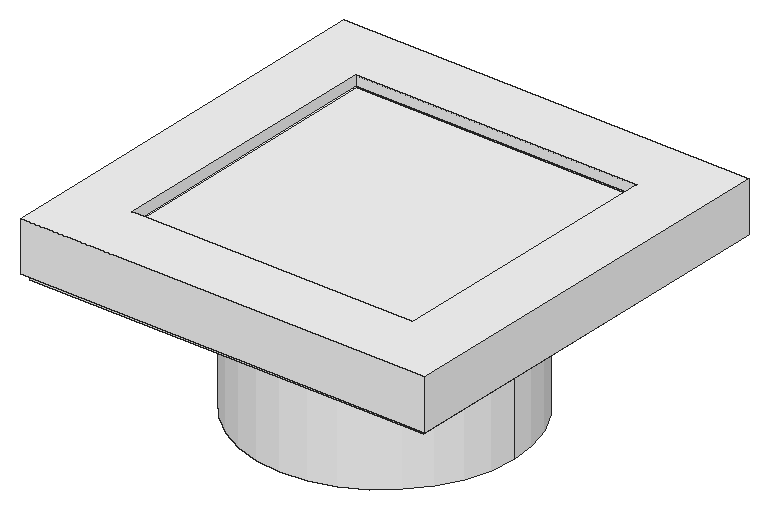
Revit family "Gira_284428", category Electrical Fixtures, host Face, Revit 2017
Family settings
  Host = Face
  Maintain Annotation Orientation = Yes
  Round Connector Dimension = Use Diameter
  Part Type = Normal
  Cut with Voids When Loaded = No
  Shared = No
  Room Calculation Point = No
Parameters (values of type "Rocker btn BS 3-g NO con. System 55 anthra.")
  With lighting = "No"
  White [instance] = White
  URL = "http://katalog.gira.de/en/datenblatt.html?artikelnr=284428"
  Type of fastening = "Mounting with claw and screw"
  Transparent = "No"
  Surface protection = "Other"
  Suitable for degree of protection (IP) = "IP20"
  Number of rockers = "3"
  Name = "Rocker btn BS 3-g NO con. System 55 anthra."
  Mounting method = "Flush mounted (plaster)"
  Model = "Group push button"
  Method of operation = "Rocker"
  Material quality = "Thermoplastic"
  Material = "Plastic"
  Manufacturer URL = "https://www.gira.de/"
  Manufacturer = "Gira"
  Label space/information surface = "No"
  Imprint = "None"
  HeinzeBIM = "https://bimportal.heinze.de/bim/rocker-btn-bs-3-g-no-con-system-55-anthra-/a07b83df9c1b907445dd3d5535b27d73506e0dd2"
  Halogen free = "Yes"
  HAN = "284428"
  GTIN = "4010337082064"
  Description = "Rock.btn BS 3g 10A NO con.1-p Sys55 AN,British Standard rocker button (BS EN 60669-1), 3-gang 10 A 250 V~ with rockers,System 55, support ring 71 x 71 mm, NO contact 1-pole,anthracite,Features:,- With screw terminals.,,Notes :,- For screw mounting only."
  Default Elevation = 1219.2 mm
  Data sheet (1) = "https://katalog.gira.de/en/download.html?artikelnr=284428"
  Contacts = "Other"
  Colour = "Anthracite"
  Category = "Push-switch button"
  BIM (1) = "https://media.stage.bim.site/public/gira/36a6b08/Sys55_Komplettgerät_Schalten und Tasten.rfa?public/gira/36a6b08/Sys55_Komplettgerät_Schalten und Tasten.rfa"
  Available = "No"
  Assembly arrangement = "Basic element with adapter plate"
Reference planes
  plane 1 "Center (Front/Back)": y = 0
  plane 2: z = 0
  plane 3 "Center (Left/Right)": x = 0
Forms (mm)
  Extrusion 1, solid, material "White" <- "White", detail levels medium
    sketch origin (0, 0, 0) x (1, 0, 0) y (0, 1, 0)
      loop
        line (-40.4, 40.4) -> (-40.4, -40.4) -> (40.4, -40.4) -> (40.4, 40.4) -> (-40.4, 40.4)
      loop
        line (-28, 28) -> (-28, -28) -> (28, -28) -> (28, 28) -> (-28, 28)
    from 0 to 10
  Extrusion 2, solid, material "White" <- "White", detail levels fine
    sketch origin (0, 0, 0) x (1, 0, 0) y (0, 1, 0)
      loop
        line (-40.4, 40.4) -> (-40.4, -40.4) -> (40.4, -40.4) -> (40.4, 40.4) -> (-40.4, 40.4)
      loop
        line (-28, 28) -> (-28, -28) -> (28, -28) -> (28, 28) -> (-28, 28)
    from 0 to 10
  Extrusion 3, void
    sketch origin (0, 0, 0) x (1, 0, 0) y (0, 1, 0)
      loop
        line (-38.4, 38.4) -> (-38.4, -38.4) -> (38.4, -38.4) -> (38.4, 38.4) -> (-38.4, 38.4)
    from 0 to 8
  Extrusion 4, solid, material "White" <- "White", detail levels medium+fine
    sketch origin (0, 0, 0) x (1, 0, 0) y (0, 1, 0)
      loop
        line (-39.4, 39.4) -> (-39.4, -39.4) -> (39.4, -39.4) -> (39.4, 39.4) -> (-39.4, 39.4)
    from 0 to -1
  Extrusion 5, solid, material "White" <- "White", detail levels medium+fine
    sketch origin (0, 0, 0) x (1, 0, 0) y (0, 1, 0)
      loop
        line (-35.5, 35.5) -> (-35.5, -35.5) -> (35.5, -35.5) -> (35.5, 35.5) -> (-35.5, 35.5)
    from -2 to -3
  Extrusion 6, solid, material "White" <- "White", detail levels medium+fine
    sketch origin (0, 0, 0) x (1, 0, 0) y (0, 1, 0)
      loop
        circle (0, 0) r 26
    from 0 to -27.5
  Extrusion 7, solid, material "White" <- "White", detail levels coarse
    sketch origin (0, 0, 0) x (1, 0, 0) y (0, 1, 0)
      loop
        line (-40.4, 40.4) -> (-40.4, -40.4) -> (40.4, -40.4) -> (40.4, 40.4) -> (-40.4, 40.4)
    from -27.5 to 10
Cuts and joins
  Extrusion 3 cuts Extrusion 2
Dimensions and locks
  aligned and locked: plane 2 to host face
  aligned and locked: level to host face
  aligned and locked: plane 3 "Center (Left/Right)" to nested 2
  aligned and locked: plane 1 "Center (Front/Back)" to nested 2
Nested families
  nested 1: "Sys55_Abdeckung_Schalten und Tasten_floor_base" at (0, 0, 0), type "Sys55_Abdeckung_Schalten und Tasten_floor_base"
  nested 2: "Schalter" at (0, 0, 0), type "Schalter"
Connectors
  electrical at (0, 0, -27.5)
    settings: on Extrusion 6, index 1, voltage 220 V, apparent load 0 VA, apparent load phase1 0 VA, apparent load phase2 0 VA, apparent load phase3 0 VA, power factor 1, load classification "Other", number of poles 1, system type 30, power factor state 1, is connector primary yes, connector utility no, sub classification motor no, connector description ""
Definition of nested family "Sys55_Abdeckung_Schalten und Tasten_floor_base"
  Parameters
    Default Elevation = 1219.2 mm
    White [instance] = none
  Reference planes
    plane 1 "Center (Front/Back)": y = 0
    plane 2: z = 0
    plane 3 "Center (Left/Right)": x = 0
  Forms (mm)
    Extrusion 1, solid
      sketch origin (0, 0, 0) x (1, 0, 0) y (0, 1, 0)
        loop
          line (-1219.2, 1219.2) -> (-1219.2, -1219.2) -> (1219.2, -1219.2) -> (1219.2, 1219.2) -> (-1219.2, 1219.2)
      from 0 to -304.8
    Extrusion 2, solid, material <- "White", detail levels fine
      sketch origin (0, 0, 0) x (1, 0, 0) y (0, 1, 0)
        loop
          line (-27.5, 27.5) -> (-27.5, -27.5) -> (27.5, -27.5) -> (27.5, 27.5) -> (-27.5, 27.5)
      from 0 to 8
    Extrusion 3, void
      sketch origin (0, 0, 0) x (1, 0, 0) y (0, 1, 0)
        loop
          line (26, 26) -> (-26, 26) -> (-26, -26) -> (26, -26) -> (26, 26)
      from 0 to 6
    Extrusion 4, solid, material <- "White", detail levels medium
      sketch origin (0, 0, 0) x (1, 0, 0) y (0, 1, 0)
        loop
          line (-27.5, 27.5) -> (-27.5, -27.5) -> (27.5, -27.5) -> (27.5, 27.5) -> (-27.5, 27.5)
      from 0 to 8
    Extrusion 5, solid, material <- "White", detail levels medium
      sketch origin (0, 0, 0) x (1, 0, 0) y (0, 1, 0)
        loop
          line (11, -17.5) -> (11, 17.5) -> (-11, 17.5) -> (-11, -17.5) -> (11, -17.5)
      from -6 to 6
    Extrusion 6, solid, material <- "White", detail levels fine
      sketch origin (0, 0, 0) x (1, 0, 0) y (0, 1, 0)
        loop
          line (11, 17.5) -> (-11, 17.5) -> (-11, 16.5) -> (11, 16.5) -> (11, 17.5)
        loop
          line (-11, -16.5) -> (-11, -17.5) -> (11, -17.5) -> (11, -16.5) -> (-11, -16.5)
      from -4 to 6
    Extrusion 7, solid, material <- "White", detail levels fine
      sketch origin (0, 0, 0) x (1, 0, 0) y (0, 1, 0)
        loop
          arc (5, 9.347) -> (0, 10.6) -> (-5, 9.347) r 10.6
          line (-5, 9.347) -> (-5, -9.347)
          arc (-5, -9.347) -> (0, -10.6) -> (5, -9.347) r 10.6
          line (5, -9.347) -> (5, 9.347)
      from -6 to 6
    Extrusion 8, solid, material <- "White", detail levels coarse
      sketch origin (0, 0, 0) x (1, 0, 0) y (0, 1, 0)
        loop
          line (-27.5, 27.5) -> (-27.5, -27.5) -> (27.5, -27.5) -> (27.5, 27.5) -> (-27.5, 27.5)
      from -6 to 8
  Cuts and joins
    Extrusion 3 cuts Extrusion 2
  Dimensions and locks
    aligned and locked: plane 2 to Extrusion 1
    aligned and locked: level to Extrusion 1
Definition of nested family "Schalter"
  Reference planes
    plane 1: y = 0
    plane 2: x = 0
  Lines and regions (mm)
    detail lines
      curve 1: circle (1.375, 2.778, 0) r 0.8 normal (0, 0, 1)
      curve 2: line (1.021, 2.061, 0) -> (0, 0, 0)
      curve 3: line (0, 0, 0) -> (-0.538, 0.266, 0)
  Dimensions and locks
    curve 2 to curve 2 = 2.3 mm
    curve 3 to curve 2 = 0.6 mm
    radius of curve 1 = 0.8 mm
